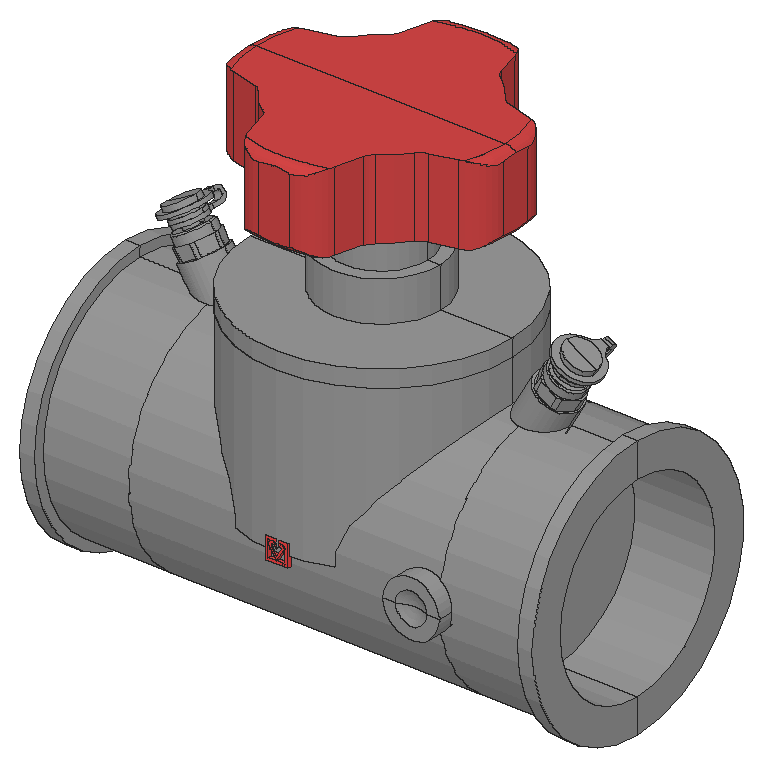
Revit family "HERZ Strömax клапан балансировочный с измерительными клапанами 4217 GM", category Rohrzubehör, Revit 2019
Family settings
  Bemaßung runder Anschluss = Durchmesser verwenden
  Teiletyp = Unterbricht
  OmniClass-Nummer = 23.65.55.14
  OmniClass-Titel = Valves for Liquid Services
  Arbeitsebenenbasiert = Nein
  Immer vertikal = Ja
  Beim Laden mit Abzugskörper schneiden = Nein
  Gemeinsam genutzt = Nein
Parameters
  Среда = "Качество теплоносителя в соответствии с ÖNORM H5195 и VDI 2035.\r\nДопускается использование этилен- и пропиленгликоля в соотношении 25-50% с водой."
  Положение клапана при монтаже = "Неподнимающийся шпиндель, расположенный перпендикулярно оси клапана, обеспечивает доступность и лёгкость в обслуживании в любом монтажном положении."
  Область применения = "Балансировочные клапаны применяются для гидравлической балансировки систем отопления и охлаждения, регулировки магистральных трубопроводов, стояков, теплообменников, регистров отопления и охлаждения."
  Номер заказа [instance] = size_lookup("4217_GM_", "Artnr", 0, Nennweite)  # 1421708
  Макс. рабочее давление = 1600000.0 Pa  # constant formula
  Макс. рабочая температура (с DN40) = 110 °C  # constant formula
  Макс. рабочая температура (до DN32) = 130 °C  # constant formula
  Корпус = "латунь, устойчивая к селективной цинковой коррозии"  # constant formula
  Исполнение = "STRÖMAX-GM Балансировочный клапан с измерительными клапанами, 1/2′′ – 3′′.\r\nИсполнение с прямым невыдвижным шпинделем, муфта х муфта, латунный корпус без покрытия, уплотнение шпинделя двойным кольцевым уплотнением O-Ring, преднастройка посредством ограничения хода внутреннего шпинделя, цифровые показания степени настройки отображаются в окне маховика.\r\nДва измерительных клапана расположены рядом с маховиком."
  Измерение перепада давления = "Клапаны STRÖMAX-GM оснащен двумя измерительными клапанами:\r\nс помощью измерительного прибора можно измерить перепад давления и по нему определить текущий расход в зависимости от степени преднастройки.\r\nHERZ Измерительный компьютер (1 8900 05) позволяет напрямую считывать расход (см. руководство к измерительным приборам)."
  kvs-значения [instance] = if(Nennweite = 15.00 mm, 6.05, if(Nennweite = 20.00 mm, 6.11, if(Nennweite = 25.00 mm, 9.22, if(Nennweite = 32.00 mm, 18.83, if(Nennweite = 40.00 mm, 23.29, if(Nennweite = 50.00 mm, 35.26, if(Nennweite = 65.00 mm, 52.11, if(Nennweite = 80.00 mm, 76.1, 0))))))))  # 76.1
  W02 = 60.00°  # constant formula
  W01 = 30.00°  # constant formula
  URL = "www.herz-armaturen.ru"
  SC_NennweiteBerechnet = 0
  SC_Dimension = ""
  SCRNSEQ = "ARM;ARM_TYP=\"STRV\";2"
  SCRNCODE = "05;07;02"  # constant formula
  S02 = 60.00 mm  # constant formula
  S01 [instance] = H00 + H01  # 119.31 mm
  R01 [instance] = size_lookup("4217_GM_", "R1", 1.00 mm, Nennweite)  # 53.00 mm
  Nennweite [instance] = 80.00 mm
  ML02 [instance] = size_lookup("4217_GM_", "ML2", 1.00 mm, Nennweite)  # 70.50 mm
  ML01 [instance] = size_lookup("4217_GM_", "ML1", 1.00 mm, Nennweite)  # 37.35 mm
  MD01 = 9.50 mm  # constant formula
  L02 [instance] = size_lookup("4217_GM_", "L2", 1.00 mm, Nennweite)  # 6.00 mm
  L01 [instance] = size_lookup("4217_GM_", "L1", 1.00 mm, Nennweite)  # 41.30 mm
  L00 [instance] = size_lookup("4217_GM_", "L", 1.00 mm, Nennweite)  # 210.00 mm
  IG [instance] = Nennweite / 2  # 40.00 mm
  Hersteller = "HERZ Armaturen Ges.m.b.H."  # constant formula
  H04 [instance] = size_lookup("4217_GM_", "H4", 1.00 mm, Nennweite)  # 19.00 mm
  H03 = 10.00 mm  # constant formula
  H02 [instance] = size_lookup("4217_GM_", "H2", 1.00 mm, Nennweite)  # 7.00 mm
  H01 [instance] = size_lookup("4217_GM_", "H1", 1.00 mm, Nennweite)  # 52.60 mm
  H00 [instance] = size_lookup("4217_GM_", "H", 1.00 mm, Nennweite)  # 66.71 mm
  Вес [instance] = if(Nennweite = 15.00 mm, "0.85 kg", if(Nennweite = 20.00 mm, "1.22 kg", if(Nennweite = 25.00 mm, "1.55 kg", if(Nennweite = 32.00 mm, "1.88 kg", if(Nennweite = 40.00 mm, "2.34 kg", if(Nennweite = 50.00 mm, "3.74 kg", if(Nennweite = 65.00 mm, "5.23 kg", if(Nennweite = 80.00 mm, "6.97 kg", "0 kg"))))))))  # "6.97 kg"
  GT [instance] = size_lookup("4217_GM_", "GT", 1.00 mm, Nennweite)  # 33.30 mm
  DN80 [instance] = Nennweite = 80.00 mm  # yes
  DN65 [instance] = Nennweite = 65.00 mm  # no
  DN50_DN80 [instance] = or(Nennweite = 50.00 mm, Nennweite = 65.00 mm, Nennweite = 80.00 mm)  # yes
  DN50-DN80 [instance] = H00 + H01  # 119.31 mm
  DN50 [instance] = Nennweite = 50.00 mm  # no
  DN40 [instance] = Nennweite = 40.00 mm  # no
  DN32 [instance] = Nennweite = 32.00 mm  # no
  DN25 [instance] = Nennweite = 25.00 mm  # no
  DN20 [instance] = Nennweite = 20.00 mm  # no
  DN15_DN40 [instance] = or(Nennweite = 15.00 mm, Nennweite = 20.00 mm, Nennweite = 25.00 mm, Nennweite = 32.00 mm, Nennweite = 40.00 mm)  # no
  DN15-DN40 [instance] = H00 + H01  # 119.31 mm
  DN15 [instance] = Nennweite = 15.00 mm  # no
  D06 [instance] = size_lookup("4217_GM_", "D6", 1.00 mm, Nennweite)  # 24.30 mm
  D05 [instance] = size_lookup("4217_GM_", "D5", 1.00 mm, Nennweite)  # 19.00 mm
  D04 = 9.00 mm  # constant formula
  D03 [instance] = size_lookup("4217_GM_", "D3", 1.00 mm, Nennweite)  # 53.80 mm
  D02 [instance] = size_lookup("4217_GM_", "D2", 1.00 mm, Nennweite)  # 54.00 mm
  D01 [instance] = size_lookup("4217_GM_", "D1", 1.00 mm, Nennweite)  # 50.00 mm
Reference planes
  plane 1 "Mitte (Vorne/hinten)": y = 0
  plane 2: z = 0
  plane 3 "Mitte (Links/rechts)": x = 0
Forms (mm)
  Revolve 1, solid, material "Messing, weicher Gelbton, geschweißt", detail levels fine
    sketch origin (0, 0, 0) x (1, 0, 0) y (0, 0, 1)
      loop
        line (-105, 54) -> (-105, 40) -> (-71.7, 40) -> (-71.7, 0) -> (71.7, 0) -> (71.7, 40) -> (105, 40) -> (105, 54) -> (99, 54) -> (99, 50) -> (63.7, 50)
        arc (63.7, 50) -> (0, 53) -> (-63.7, 50) r 677.782
        line (-63.7, 50) -> (-99, 50) -> (-99, 54) -> (-105, 54)
      axis (-105, 0) -> (105, 0)
    angle from 0 to 360
  Revolve 2, solid, material "Messing, weicher Gelbton, geschweißt", detail levels fine
    sketch origin (0, 0, 0) x (1, 0, 0) y (0, 0, 1)
      loop
        line (37.35, 0) -> (72.6, 61.055) -> (64.373, 65.805) -> (29.123, 4.75) -> (37.35, 0)
      axis (37.35, 0) -> (72.6, 61.055)
    angle from 0 to 360
  Revolve 3, solid, material "Messing, weicher Gelbton, geschweißt", detail levels fine
    sketch origin (0, 0, 0) x (1, 0, 0) y (0, 0, 1)
      loop
        line (0, 0) -> (0, 66.71) -> (-53.8, 66.71) -> (-53.8, 0) -> (0, 0)
      axis (0, 66.71) -> (0, 0)
    angle from 0 to 360
  Revolve 4, solid, material "Messing, weicher Gelbton, geschweißt", detail levels fine
    sketch origin (0, 0, 0) x (-1, 0, 0) y (0, 0, 1)
      loop
        line (37.35, 0) -> (72.6, 61.055) -> (64.373, 65.805) -> (29.123, 4.75) -> (37.35, 0)
      axis (37.35, 0) -> (72.6, 61.055)
    angle from 0 to 360
  Revolve 5, solid, material "Messing, weicher Gelbton, geschweißt", visible <- "DN65", detail levels fine
    sketch origin (0, 0, 0) x (1, 0, 0) y (0, 1, 0)
      loop
        line (60, 47.945) -> (60, -47.945)
        arc (60, -47.945) -> (63.368, -48.598) -> (66.5, -50) r 15
        line (66.5, -50) -> (71.5, -50) -> (71.5, 50) -> (66.5, 50)
        arc (66.5, 50) -> (63.368, 48.598) -> (60, 47.945) r 15
      axis (60, 50) -> (60, -50)
    angle from 0 to 360
  Revolve 6, solid, material "Messing, weicher Gelbton, geschweißt", detail levels fine
    sketch origin (0, 0, 0) x (1, 0, 0) y (0, 0, 1)
      loop
        line (0, 66.71) -> (0, 119.31) -> (-9, 119.31) -> (-9, 109.31) -> (-19, 109.31) -> (-19, 90.31) -> (-24.3, 90.31) -> (-24.3, 73.71) -> (-53.8, 73.71) -> (-53.8, 66.71) -> (0, 66.71)
      axis (0, 119.31) -> (0, 66.71)
    angle from 0 to 360
  Revolve 7, solid, material "Messing, weicher Gelbton, geschweißt", visible <- "DN80", detail levels fine
    sketch origin (0, 0, 0) x (1, 0, 0) y (0, 1, 0)
      loop
        line (57, 53.945) -> (57, -53.945)
        arc (57, -53.945) -> (60.368, -54.598) -> (63.5, -56) r 15
        line (63.5, -56) -> (68.5, -56) -> (68.5, 56) -> (63.5, 56)
        arc (63.5, 56) -> (60.368, 54.598) -> (57, 53.945) r 15
      axis (57, 56) -> (57, -56)
    angle from 0 to 360
Lines and regions (mm)
  model lines, detail levels coarse+medium
    curve 1: line (-105, 0, 54) -> (-105, 0, -54)
    curve 2: line (-105, 0, -54) -> (105, 0, 54)
    curve 3: line (105, 0, 54) -> (105, 0, -54)
    curve 4: line (105, 0, -54) -> (-105, 0, 54)
    curve 5: line (0, 0, 0) -> (68.884, 0, 119.31)
    curve 6: line (42.903, 0, 134.31) -> (94.864, 0, 104.31)
    curve 7: line (-105, 54, 0) -> (-105, -54, 0)
    curve 8: line (-105, -54, 0) -> (105, 54, 0)
    curve 9: line (105, 54, 0) -> (105, -54, 0)
    curve 10: line (105, -54, 0) -> (-105, 54, 0)
    curve 11: line (0, 0, 0) -> (68.884, 119.31, 0)
    curve 12: line (42.903, 134.31, 0) -> (94.864, 104.31, 0)
Dimensions and locks
  "IG": Revolve 1 sketch curve to plane 2
  "GT": Revolve 1 sketch curve to Revolve 1 sketch curve  (x2)
  "IG": Revolve 1 sketch curve to Revolve 1 sketch curve
  "D01": Revolve 1 sketch curve to Revolve 1 sketch curve  (x2)
  "R01": Revolve 1 sketch curve to Revolve 1 sketch curve
  "L02": Revolve 1 sketch curve to Revolve 1 sketch curve  (x2)
  "L01": Revolve 1 sketch curve to Revolve 1 sketch curve  (x2)
  "D02": Revolve 1 sketch curve to plane 2  (x2)
  equal spacing: Revolve 1 sketch curve, plane 3 "Mitte (Links/rechts)", Revolve 1 sketch curve
  "L00": Revolve 1 sketch curve to Revolve 1 sketch curve
  "R01": nested 1 to plane 1 "Mitte (Vorne/hinten)"
  "ML01": Revolve 2 sketch curve to plane 3 "Mitte (Links/rechts)"
  "H00": Revolve 3 sketch curve to plane 2
  "D03": Revolve 3 sketch curve to Revolve 3 sketch curve
  "ML02": Revolve 2 sketch curve to Revolve 2 sketch curve
  "MD01": Revolve 2 sketch curve to Revolve 2 sketch curve  (x2)
  "ML02": Revolve 4 sketch curve to Revolve 4 sketch curve
  "MD01": Revolve 4 sketch curve to Revolve 4 sketch curve  (x2)
  "ML01": plane 3 "Mitte (Links/rechts)" to Revolve 4 sketch curve
  Revolve 5 sketch curve to Revolve 1 = 45.00 mm
  Revolve 5 sketch curve to Revolve 5 sketch curve = 11.50 mm  (x2)
  Revolve 5 sketch curve to plane 1 "Mitte (Vorne/hinten)" to Revolve 5 sketch curve = 50.00 mm, 50.00 mm
  "H00": Revolve 6 sketch curve to plane 2
  "H01": Revolve 6 sketch curve to Revolve 6 sketch curve
  "D04": Revolve 6 sketch curve to Revolve 6 sketch curve
  "D03": Revolve 6 sketch curve to Revolve 6 sketch curve
  "D05": Revolve 6 sketch curve to Revolve 6 sketch curve
  "D06": Revolve 6 sketch curve to Revolve 6 sketch curve
  "H02": Revolve 6 sketch curve to Revolve 6 sketch curve
  "H03": Revolve 6 sketch curve to Revolve 6 sketch curve
  "H04": Revolve 6 sketch curve to Revolve 6 sketch curve
  Revolve 7 sketch curve to Revolve 1 = 48.00 mm
  Revolve 7 sketch curve to Revolve 7 sketch curve = 11.50 mm  (x2)
  Revolve 7 sketch curve to plane 1 "Mitte (Vorne/hinten)" to Revolve 7 sketch curve = 56.00 mm, 56.00 mm
  "DN15-DN40": nested 2 to plane 2
  "DN50-DN80": nested 3 to plane 2
  "D02": curve 4 to plane 2 to curve 2
  "D02": curve 3 to plane 2 to curve 4
  equal spacing: curve 1, plane 3 "Mitte (Links/rechts)", curve 3
  "L00": curve 1 to curve 3
  equal spacing: Revolve 1, curve 5, Revolve 1
  "S01": curve 5 to plane 2
  equal spacing: curve 6, curve 5, curve 6
  "S02": curve 6 to curve 6
  "D02": curve 8 to plane 1 "Mitte (Vorne/hinten)" to curve 10
  "D02": curve 10 to plane 1 "Mitte (Vorne/hinten)" to curve 9
  equal spacing: curve 7, plane 3 "Mitte (Links/rechts)", curve 9
  "L00": curve 7 to curve 9
  equal spacing: curve 7, curve 11, curve 9
  "S01": plane 1 "Mitte (Vorne/hinten)" to curve 11
  equal spacing: curve 12, curve 11, curve 12
  "S02": curve 12 to curve 12
  radius of Revolve 5 sketch curve = 15.00 mm  (x2)
  radius of Revolve 7 sketch curve = 15.00 mm  (x2)
  "W01": angle Revolve 2 sketch curve to plane 3 "Mitte (Links/rechts)"  (x2)
  "W01": angle plane 3 "Mitte (Links/rechts)" to Revolve 4 sketch curve  (x2)
  "W02": angle plane 2 to curve 5
  "W02": angle plane 1 "Mitte (Vorne/hinten)" to curve 11
  aligned and locked: level to plane 2
Automatic sketch dimensions
  Revolve 5 sketch curve to Revolve 5 sketch curve = 1.153 mm  (x2)
  Revolve 5 sketch curve to Revolve 5 sketch curve = 5.00 mm  (x2)
  Revolve 5 sketch curve to Revolve 5 sketch curve = 2.854 mm  (x2)
  Revolve 7 sketch curve to Revolve 7 sketch curve = 1.153 mm  (x2)
  Revolve 7 sketch curve to Revolve 7 sketch curve = 5.00 mm  (x2)
  Revolve 7 sketch curve to Revolve 7 sketch curve = 8.854 mm  (x2)
  Revolve 1 sketch curve to level = 0.00 mm  (x2)
  Revolve 1 sketch curve to Revolve 1 sketch curve = 1429.986 mm
  Revolve 1 sketch curve to Revolve 1 sketch curve = 1762.604 mm
  Revolve 2 sketch curve to level = 0.00 mm  (x2)
  Revolve 3 sketch curve to level = 0.00 mm
  Revolve 3 sketch curve to plane 3 "Mitte (Links/rechts)" = 0.00 mm  (x2)
  Revolve 3 sketch curve to Revolve 3 sketch curve = 366.045 mm
  Revolve 3 sketch curve to Revolve 3 sketch curve = 2179.415 mm
  Revolve 4 sketch curve to level = 0.00 mm  (x2)
  Revolve 6 sketch curve to plane 3 "Mitte (Links/rechts)" = 0.00 mm  (x2)
  Revolve 6 sketch curve to level = 366.045 mm
  Revolve 6 sketch curve to Revolve 6 sketch curve = 2146.115 mm
Nested families
  nested 1: "Herz-Logo-vorne" at (0, -53, 0) x (0, 1, 0) z (0, 0, 1), type "Herz-Logo-vorne", detail levels fine
  nested 2: "Strangregulierventil-Handrad-Gerade (Rot) DN15-DN40" at (0, 0, 119.31), visible <- "DN15_DN40", type "Strangregulierventil-Handrad-Gerade (Rot) DN15-DN40", detail levels fine
    with Nennweite 0.00 mm, Gewicht 0.00 kg, Bestellnummer 0
  nested 3: "Strangregulierventil-Handrad-Gerade (Rot) DN50-DN80" at (0, 0, 119.31), visible <- "DN50_DN80", type "Strangregulierventil-Handrad-Gerade (Rot) DN50-DN80", detail levels fine
    with Nennweite 0.00 mm, Gewicht 0.00 kg, Bestellnummer 0
  nested 4: "Messstutzen_Band_Austritt_30Grad_(oben)" at (47.24, 0, 34.901), visible <- "DN50", type "Messstutzen_Band_Austritt_30Grad_(oben)", detail levels fine
    with Schutzkappe yes, Nennweite 0.00 mm, Gewicht 0.00 kg, Bestellnummer 0
  nested 5: "Messstutzen_Band_Eintritt_30Grad_(oben)" at (-47.24, 0, 34.901) x (-1, 0, 0) z (0, 0, 1), visible <- "DN50", type "Messstutzen_Band_Eintritt_30Grad_(oben)", detail levels fine
    with Schutzkappe yes, Nennweite 0.00 mm, Gewicht 0.00 kg, Bestellnummer 0
  nested 6: "Messstutzen_Band_Austritt_30Grad_(oben)" at (27.02, 0, 10.999), visible <- "DN15", type "Messstutzen_Band_Austritt_30Grad_(oben)", detail levels fine
    with Schutzkappe yes, Nennweite 0.00 mm, Gewicht 0.00 kg, Bestellnummer 0
  nested 7: "Messstutzen_Band_Eintritt_30Grad_(oben)" at (-27.02, 0, 10.999) x (-1, 0, 0) z (0, 0, 1), visible <- "DN15", type "Messstutzen_Band_Eintritt_30Grad_(oben)", detail levels fine
    with Schutzkappe yes, Nennweite 0.00 mm, Gewicht 0.00 kg, Bestellnummer 0
  nested 8: "Messstutzen_Band_Eintritt_30Grad_(oben)" at (-24.855, 0, 13.553) x (-1, 0, 0) z (0, 0, 1), visible <- "DN20", type "Messstutzen_Band_Eintritt_30Grad_(oben)", detail levels fine
    with Schutzkappe yes, Nennweite 0.00 mm, Gewicht 0.00 kg, Bestellnummer 0
  nested 9: "Messstutzen_Band_Austritt_30Grad_(oben)" at (24.855, 0, 13.553), visible <- "DN20", type "Messstutzen_Band_Austritt_30Grad_(oben)", detail levels fine
    with Schutzkappe yes, Nennweite 0.00 mm, Gewicht 0.00 kg, Bestellnummer 0
  nested 10: "Messstutzen_Band_Eintritt_30Grad_(oben)" at (-29.265, 0, 17.883) x (-1, 0, 0) z (0, 0, 1), visible <- "DN25", type "Messstutzen_Band_Eintritt_30Grad_(oben)", detail levels fine
    with Schutzkappe yes, Nennweite 0.00 mm, Gewicht 0.00 kg, Bestellnummer 0
  nested 11: "Messstutzen_Band_Austritt_30Grad_(oben)" at (29.265, 0, 17.883), visible <- "DN25", type "Messstutzen_Band_Austritt_30Grad_(oben)", detail levels fine
    with Schutzkappe yes, Nennweite 0.00 mm, Gewicht 0.00 kg, Bestellnummer 0
  nested 12: "Messstutzen_Band_Eintritt_30Grad_(oben)" at (-37.74, 0, 24.595) x (-1, 0, 0) z (0, 0, 1), visible <- "DN32", type "Messstutzen_Band_Eintritt_30Grad_(oben)", detail levels fine
    with Schutzkappe yes, Nennweite 0.00 mm, Gewicht 0.00 kg, Bestellnummer 0
  nested 13: "Messstutzen_Band_Austritt_30Grad_(oben)" at (37.74, 0, 24.595), visible <- "DN32", type "Messstutzen_Band_Austritt_30Grad_(oben)", detail levels fine
    with Schutzkappe yes, Nennweite 0.00 mm, Gewicht 0.00 kg, Bestellnummer 0
  nested 14: "Messstutzen_Band_Eintritt_30Grad_(oben)" at (-42.8, 0, 28.665) x (-1, 0, 0) z (0, 0, 1), visible <- "DN40", type "Messstutzen_Band_Eintritt_30Grad_(oben)", detail levels fine
    with Schutzkappe yes, Nennweite 0.00 mm, Gewicht 0.00 kg, Bestellnummer 0
  nested 15: "Messstutzen_Band_Austritt_30Grad_(oben)" at (42.8, 0, 28.665), visible <- "DN40", type "Messstutzen_Band_Austritt_30Grad_(oben)", detail levels fine
    with Schutzkappe yes, Nennweite 0.00 mm, Gewicht 0.00 kg, Bestellnummer 0
  nested 16: "Messstutzen_Band_Eintritt_30Grad_(oben)" at (-54.5, 0, 38.105) x (-1, 0, 0) z (0, 0, 1), visible <- "DN65", type "Messstutzen_Band_Eintritt_30Grad_(oben)", detail levels fine
    with Schutzkappe yes, Nennweite 0.00 mm, Gewicht 0.00 kg, Bestellnummer 0
  nested 17: "Messstutzen_Band_Austritt_30Grad_(oben)" at (54.5, 0, 38.105), visible <- "DN65", type "Messstutzen_Band_Austritt_30Grad_(oben)", detail levels fine
    with Schutzkappe yes, Nennweite 0.00 mm, Gewicht 0.00 kg, Bestellnummer 0
  nested 18: "Messstutzen_Band_Eintritt_30Grad_(oben)" at (-63.85, 0, 45.899) x (-1, 0, 0) z (0, 0, 1), visible <- "DN80", type "Messstutzen_Band_Eintritt_30Grad_(oben)", detail levels fine
    with Schutzkappe yes, Nennweite 0.00 mm, Gewicht 0.00 kg, Bestellnummer 0
  nested 19: "Messstutzen_Band_Austritt_30Grad_(oben)" at (63.85, 0, 45.899), visible <- "DN80", type "Messstutzen_Band_Austritt_30Grad_(oben)", detail levels fine
    with Schutzkappe yes, Nennweite 0.00 mm, Gewicht 0.00 kg, Bestellnummer 0
Connectors
  piping at (-71.7, 0, 0), diameter 80, driven by "Nennweite"
    settings: on Revolve 1, index 1, connector inside diameter 609.6 mm, connector length 0.00 mm, flow factor 0, pipe flow 0.0 L/s, pressure drop 0.0 Pa, fitting loss kfactor 0, connector angle 0.00°, fixture units 0, engagement length 0.00 mm, angle of deflection 0.00°, flow configuration 0, flow direction 1, fitting loss method 0, system type 29, joint type 0, gender type 0, connector reference index -1, connector utility 0, adjustable connector no, is connector primary yes, connector description ""
  piping at (71.7, 0, 0), diameter 80, driven by "Nennweite"
    settings: on Revolve 1, index 2, connector inside diameter 609.6 mm, connector length 0.00 mm, flow factor 0, pipe flow 0.0 L/s, pressure drop 0.0 Pa, fitting loss kfactor 0, connector angle 0.00°, fixture units 0, engagement length 0.00 mm, angle of deflection 0.00°, flow configuration 0, flow direction 2, fitting loss method 0, system type 29, joint type 0, gender type 0, connector reference index -1, connector utility 0, adjustable connector no, is connector primary no, connector description ""
Definition of nested family "Herz-Logo-vorne"
  Reference planes
    plane 1 "Mitte (Vorne/hinten)": y = 0
    plane 2: z = 0
    plane 3 "Mitte (Links/rechts)": x = 0
  Forms (mm)
    Extrusion 1, solid
      sketch origin (0.732, -0.018, 0.017) x (0, -1, 0) y (0, 0, 1)
        loop
          line (-0.018, -4.517) -> (4.482, -4.517) -> (4.482, 4.483) -> (-4.518, 4.483) -> (-4.518, -4.517) -> (-0.018, -4.517)
        loop
          line (-0.05, -3.48) -> (3.482, -3.48) -> (3.482, 3.483) -> (-3.518, 3.483) -> (-3.518, -3.48) -> (-0.05, -3.48)
        loop
          arc (-0.018, 2.383) -> (-1.543, 3.287) -> (-3.067, 2.383) r 1.738
          arc (-3.067, 2.383) -> (-3.191, 1.899) -> (-3.067, 1.415) r 1.009
          line (-3.067, 1.415) -> (-0.018, -3.281) -> (3.032, 1.415)
          arc (3.032, 1.415) -> (3.156, 1.899) -> (3.032, 2.383) r 1.009
          arc (3.032, 2.383) -> (1.507, 3.287) -> (-0.018, 2.383) r 1.738
        loop
          arc (1.885, 1.272) -> (2.005, 1.675) -> (1.885, 2.079) r 0.74
          arc (1.885, 2.079) -> (1.265, 2.416) -> (0.644, 2.079) r 0.74
          line (0.644, 2.079) -> (-0.018, 0.97) -> (-0.679, 2.079)
          arc (-0.679, 2.079) -> (-1.3, 2.416) -> (-1.921, 2.079) r 0.74
          arc (-1.921, 2.079) -> (-2.04, 1.675) -> (-1.921, 1.272) r 0.74
          line (-1.921, 1.272) -> (-0.018, -1.658) -> (1.885, 1.272)
      from 0 to 1.5
  Dimensions and locks
    aligned and locked: level to plane 2
Definition of nested family "Strangregulierventil-Handrad-Gerade (Rot) DN15-DN40"
  Parameters (values of type "Strangregulierventil-Handrad-Gerade (Rot) DN15-DN40")
    URL = "www.herz-armaturen.at"
    Nennweite [instance] = 0.00 mm
    Manufacturer = "Herz Armaturen GmbH"  # constant formula
    Gewicht [instance] = 0.00 kg
    Bestellnummer [instance] = 0
  Reference planes
    plane 1 "Mitte (Vorne/hinten)": y = 0
    plane 2: z = 0
    plane 3 "Mitte (Links/rechts)": x = 0
  Forms (mm)
    Revolve 1, solid, detail levels fine
      sketch origin (0, 0, 0) x (1, 0, 0) y (0, 0, 1)
        loop
          line (0, 0) -> (0, 24.95) -> (-30.992, 24.95)
          arc (-30.992, 24.95) -> (-34.37, 23.636) -> (-35.973, 20.386) r 5
          line (-35.973, 20.386) -> (-37, 8.65) -> (-35.986, -2.936)
          arc (-35.986, -2.936) -> (-34.383, -6.186) -> (-31.005, -7.5) r 5
          line (-31.005, -7.5) -> (-15, -7.5) -> (-15, 0) -> (0, 0)
        axis (0, 24.95) -> (0, -7.5)
      angle from 0 to 360
    Extrusion 2, void
      sketch origin (0, 0, 20.3) x (1, 0, 0) y (0, 1, 0)
        loop
          line (3.861, 35.5) -> (-3.861, 35.5)
          arc (-3.861, 35.5) -> (-8.731, 33.847) -> (-11.589, 29.571) r 8
          line (-11.589, 29.571) -> (-13.284, 23.245)
          arc (-13.284, 23.245) -> (-13.982, 21.722) -> (-15.144, 20.516) r 5
          arc (-15.144, 20.516) -> (-18.031, 18.031) -> (-20.516, 15.144) r 25.5
          arc (-20.516, 15.144) -> (-21.722, 13.982) -> (-23.245, 13.284) r 5
          line (-23.245, 13.284) -> (-29.571, 11.589)
          arc (-29.571, 11.589) -> (-33.847, 8.731) -> (-35.5, 3.861) r 8
          line (-35.5, 3.861) -> (-35.5, -3.861)
          arc (-35.5, -3.861) -> (-33.847, -8.731) -> (-29.571, -11.589) r 8
          line (-29.571, -11.589) -> (-23.245, -13.284)
          arc (-23.245, -13.284) -> (-21.722, -13.982) -> (-20.516, -15.144) r 5
          arc (-20.516, -15.144) -> (-18.031, -18.031) -> (-15.144, -20.516) r 25.5
          arc (-15.144, -20.516) -> (-13.982, -21.722) -> (-13.284, -23.245) r 5
          line (-13.284, -23.245) -> (-11.589, -29.571)
          arc (-11.589, -29.571) -> (-8.731, -33.847) -> (-3.861, -35.5) r 8
          line (-3.861, -35.5) -> (3.861, -35.5)
          arc (3.861, -35.5) -> (8.731, -33.847) -> (11.589, -29.571) r 8
          line (11.589, -29.571) -> (13.284, -23.245)
          arc (13.284, -23.245) -> (13.982, -21.722) -> (15.144, -20.516) r 5
          arc (15.144, -20.516) -> (18.031, -18.031) -> (20.516, -15.144) r 25.5
          arc (20.516, -15.144) -> (21.722, -13.982) -> (23.245, -13.284) r 5
          line (23.245, -13.284) -> (29.571, -11.589)
          arc (29.571, -11.589) -> (33.847, -8.731) -> (35.5, -3.861) r 8
          line (35.5, -3.861) -> (35.5, 3.861)
          arc (35.5, 3.861) -> (33.847, 8.731) -> (29.571, 11.589) r 8
          line (29.571, 11.589) -> (23.245, 13.284)
          arc (23.245, 13.284) -> (21.722, 13.982) -> (20.516, 15.144) r 5
          arc (20.516, 15.144) -> (18.031, 18.031) -> (15.144, 20.516) r 25.5
          arc (15.144, 20.516) -> (13.982, 21.722) -> (13.284, 23.245) r 5
          line (13.284, 23.245) -> (11.589, 29.571)
          arc (11.589, 29.571) -> (8.731, 33.847) -> (3.861, 35.5) r 8
        loop
          circle (0, 0) r 38
      from -31.266 to 7.923
  Cuts and joins
    Extrusion 2 cuts Revolve 1
  Dimensions and locks
    Revolve 1 sketch curve to Revolve 1 sketch curve = 15.00 mm
    Revolve 1 sketch curve to Revolve 1 sketch curve = 16.15 mm
    Revolve 1 sketch curve to Revolve 1 sketch curve = 16.30 mm
    angle Revolve 1 sketch curve to Revolve 1 sketch curve = 95.00°
    aligned and locked: level to plane 2
Definition of nested family "Strangregulierventil-Handrad-Gerade (Rot) DN50-DN80"
  Parameters (values of type "Strangregulierventil-Handrad-Gerade (Rot) DN50-DN80")
    URL = "www.herz-armaturen.at"
    Nennweite [instance] = 0.00 mm
    Manufacturer = "Herz Armaturen GmbH"  # constant formula
    Gewicht [instance] = 0.00 kg
    Bestellnummer [instance] = 0
  Reference planes
    plane 1 "Mitte (Vorne/hinten)": y = 0
    plane 2: z = 0
    plane 3 "Mitte (Links/rechts)": x = 0
  Forms (mm)
    Revolve 1, solid, detail levels fine
      sketch origin (0, 0, 0) x (1, 0, 0) y (0, 0, 1)
        loop
          line (0, 0) -> (0, 24.95) -> (-50.992, 24.95)
          arc (-50.992, 24.95) -> (-54.37, 23.636) -> (-55.973, 20.386) r 5
          line (-55.973, 20.386) -> (-57, 8.65) -> (-55.986, -2.936)
          arc (-55.986, -2.936) -> (-54.383, -6.186) -> (-51.005, -7.5) r 5
          line (-51.005, -7.5) -> (-15, -7.5) -> (-15, 0) -> (0, 0)
        axis (0, 24.95) -> (0, -7.5)
      angle from 0 to 360
    Extrusion 2, void
      sketch origin (0, 0, 20.3) x (1, 0, 0) y (0, 1, 0)
        loop
          line (-55, 6.292) -> (-55, -6.292)
          arc (-55, -6.292) -> (-52.52, -13.597) -> (-46.106, -17.883) r 12
          line (-46.106, -17.883) -> (-35.399, -20.752)
          arc (-35.399, -20.752) -> (-33.541, -21.612) -> (-32.08, -23.047) r 6
          arc (-32.08, -23.047) -> (-27.931, -27.931) -> (-23.047, -32.08) r 39.5
          arc (-23.047, -32.08) -> (-21.612, -33.541) -> (-20.752, -35.399) r 6
          line (-20.752, -35.399) -> (-17.883, -46.106)
          arc (-17.883, -46.106) -> (-13.597, -52.52) -> (-6.292, -55) r 12
          line (-6.292, -55) -> (6.292, -55)
          arc (6.292, -55) -> (13.597, -52.52) -> (17.883, -46.106) r 12
          line (17.883, -46.106) -> (20.752, -35.399)
          arc (20.752, -35.399) -> (21.612, -33.541) -> (23.047, -32.08) r 6
          arc (23.047, -32.08) -> (27.931, -27.931) -> (32.08, -23.047) r 39.5
          arc (32.08, -23.047) -> (33.541, -21.612) -> (35.399, -20.752) r 6
          line (35.399, -20.752) -> (46.106, -17.883)
          arc (46.106, -17.883) -> (52.52, -13.597) -> (55, -6.292) r 12
          line (55, -6.292) -> (55, 6.292)
          arc (55, 6.292) -> (52.52, 13.597) -> (46.106, 17.883) r 12
          line (46.106, 17.883) -> (35.399, 20.752)
          arc (35.399, 20.752) -> (33.541, 21.612) -> (32.08, 23.047) r 6
          arc (32.08, 23.047) -> (27.931, 27.931) -> (23.047, 32.08) r 39.5
          arc (23.047, 32.08) -> (21.612, 33.541) -> (20.752, 35.399) r 6
          line (20.752, 35.399) -> (17.883, 46.106)
          arc (17.883, 46.106) -> (13.597, 52.52) -> (6.292, 55) r 12
          line (6.292, 55) -> (-6.292, 55)
          arc (-6.292, 55) -> (-13.597, 52.52) -> (-17.883, 46.106) r 12
          line (-17.883, 46.106) -> (-20.752, 35.399)
          arc (-20.752, 35.399) -> (-21.612, 33.541) -> (-23.047, 32.08) r 6
          arc (-23.047, 32.08) -> (-27.931, 27.931) -> (-32.08, 23.047) r 39.5
          arc (-32.08, 23.047) -> (-33.541, 21.612) -> (-35.399, 20.752) r 6
          line (-35.399, 20.752) -> (-46.106, 17.883)
          arc (-46.106, 17.883) -> (-52.52, 13.597) -> (-55, 6.292) r 12
        loop
          circle (0, 0) r 60
      from -31.161 to 7.489
  Cuts and joins
    Extrusion 2 cuts Revolve 1
  Dimensions and locks
    Revolve 1 sketch curve to Revolve 1 sketch curve = 15.00 mm
    Revolve 1 sketch curve to Revolve 1 sketch curve = 16.15 mm
    Revolve 1 sketch curve to Revolve 1 sketch curve = 16.30 mm
    Revolve 1 sketch curve to Revolve 1 sketch curve = 57.00 mm
    angle Revolve 1 sketch curve to Revolve 1 sketch curve = 95.00°
    aligned and locked: level to plane 2
Definition of nested family "Messstutzen_Band_Austritt_30Grad_(oben)"
  Parameters (values of type "Messstutzen_Band_Austritt_30Grad_(oben)")
    URL = "www.herz-armaturen.at"
    Schutzkappe [instance] = yes
    Nennweite [instance] = 0.00 mm
    Manufacturer = "Herz Armaturen GmbH"  # constant formula
    Gewicht [instance] = 0.00 kg
    Bestellnummer [instance] = 0
  Reference planes
    plane 1 "Mitte (Vorne/hinten)": y = 0
    plane 2: z = 0
    plane 3 "Mitte (Links/rechts)": x = 0
  Forms (mm)
    Revolve 1, solid, detail levels fine
      sketch origin (0, 0, 0) x (0.866025, 0, -0.5) y (0.5, 0, 0.866025)
        loop
          line (-7.4, 9) -> (-5.55, 9) -> (-5.55, 6)
          arc (-5.55, 6) -> (-5.626, 5.617) -> (-5.843, 5.293) r 1
          line (-5.843, 5.293) -> (-6.455, 4.681) -> (-6.455, 0.9) -> (-5.555, 0) -> (-2, 0) -> (-2, 17.5) -> (-8.4, 17.5)
          arc (-8.4, 17.5) -> (-7.693, 17.207) -> (-7.4, 16.5) r 1
          line (-7.4, 16.5) -> (-7.4, 9)
        loop
          line (-3.7, 27) -> (-7.3, 27) -> (-7.9, 26.4) -> (-7.9, 23) -> (-2, 23) -> (-2, 35.8) -> (-3.805, 35.8) -> (-4.415, 35.19) -> (-4.415, 30.863) -> (-3.7, 30.45) -> (-3.7, 27)
        axis (0, 0) -> (0, 35.8)
      angle from 0 to 360
    Extrusion 2, solid, detail levels fine
      sketch origin (8.75, 0, 15.155) x (0, 1, 0) y (-0.866025, 0, 0.5)
        loop
          arc (-7.07, 5.156) -> (-7.578, 4.375) -> (-8, 3.544) r 8.75
          line (-8, 3.544) -> (-8, -3.544)
          arc (-8, -3.544) -> (-7.578, -4.375) -> (-7.07, -5.156) r 8.75
          line (-7.07, -5.156) -> (-0.93, -8.7)
          arc (-0.93, -8.7) -> (0, -8.75) -> (0.93, -8.7) r 8.75
          line (0.93, -8.7) -> (7.07, -5.156)
          arc (7.07, -5.156) -> (7.578, -4.375) -> (8, -3.544) r 8.75
          line (8, -3.544) -> (8, 3.544)
          arc (8, 3.544) -> (7.578, 4.375) -> (7.07, 5.156) r 8.75
          line (7.07, 5.156) -> (0.93, 8.7)
          arc (0.93, 8.7) -> (0, 8.75) -> (-0.93, 8.7) r 8.75
          line (-0.93, 8.7) -> (-7.07, 5.156)
      from 0 to 5.5
    Revolve 3, solid, visible <- "Schutzkappe", detail levels fine
      sketch origin (0, 0, 0) x (0.866025, 0, -0.5) y (0.5, 0, 0.866025)
        loop
          line (0, 35.878) -> (0, 36.678) -> (-7, 36.678) -> (-7, 33.378) -> (-6.1, 33.378) -> (-6.1, 31.678) -> (-6.9, 31.678) -> (-6.9, 30.178) -> (-4.415, 30.178) -> (-4.415, 35.268) -> (-3.805, 35.878) -> (0, 35.878)
        axis (0, 30.178) -> (0, 36.678)
      angle from 0 to 360
    Extrusion 4, solid, detail levels fine
      sketch origin (14.25, 0, 24.682) x (0, 1, 0) y (0.866025, 0, -0.5)
        loop
          circle (0, 0) r 3.7
        loop
          arc (5.505, -3.906) -> (7.288, -2.358) -> (9.582, -1.8) r 5
          line (9.582, -1.8) -> (9.582, 1.8)
          arc (9.582, 1.8) -> (7.288, 2.358) -> (5.505, 3.906) r 5
          arc (5.505, 3.906) -> (-6.75, 0) -> (5.505, -3.906) r 6.75
      from 0 to -1.5
    Extrusion 5, solid, detail levels fine
      sketch origin (16.589, 0, 28.733) x (0, 1, 0) y (0.866025, 0, -0.5)
        loop
          circle (0, 0) r 6.1
        loop
          arc (8.652, -4.495) -> (10.493, -2.527) -> (13.089, -1.8) r 5
          line (13.089, -1.8) -> (13.089, 1.8)
          arc (13.089, 1.8) -> (10.493, 2.527) -> (8.652, 4.495) r 5
          arc (8.652, 4.495) -> (-9.75, 0) -> (8.652, -4.495) r 9.75
      from 0 to -1.5
    Sweep 6, solid, detail levels fine
      path origin (1.029, 0.159, 0.98) x (-0.5, 0, -0.866025) y (0, 1, 0)
        loop
          line (-27.75, 9.582) -> (-27.75, 14.522)
          arc (-27.75, 14.522) -> (-30.089, 16.862) -> (-32.428, 14.522) r 2.339
          line (-32.428, 14.522) -> (-32.428, 13.089)
      profile origin (14.904, 12.211, 25.012) x (0.5, 0, 0.866025) y (0.866025, 0, -0.5)
        loop
          line (-0.75, -1.8) -> (0.75, -1.8) -> (0.75, 1.8) -> (-0.75, 1.8) -> (-0.75, -1.8)
  Dimensions and locks
    aligned and locked: level to plane 2
Definition of nested family "Messstutzen_Band_Eintritt_30Grad_(oben)"
  Parameters (values of type "Messstutzen_Band_Eintritt_30Grad_(oben)")
    URL = "www.herz-armaturen.at"
    Schutzkappe [instance] = yes
    Nennweite [instance] = 0.00 mm
    Manufacturer = "Herz Armaturen GmbH"  # constant formula
    Gewicht [instance] = 0.00 kg
    Bestellnummer [instance] = 0
  Reference planes
    plane 1 "Mitte (Vorne/hinten)": y = 0
    plane 2: z = 0
    plane 3 "Mitte (Links/rechts)": x = 0
  Forms (mm)
    Revolve 1, solid, detail levels fine
      sketch origin (0, 0, 0) x (0.866025, 0, -0.5) y (0.5, 0, 0.866025)
        loop
          line (-7.4, 9) -> (-5.55, 9) -> (-5.55, 6)
          arc (-5.55, 6) -> (-5.626, 5.617) -> (-5.843, 5.293) r 1
          line (-5.843, 5.293) -> (-6.455, 4.681) -> (-6.455, 0.9) -> (-5.555, 0) -> (-2, 0) -> (-2, 17.5) -> (-8.4, 17.5)
          arc (-8.4, 17.5) -> (-7.693, 17.207) -> (-7.4, 16.5) r 1
          line (-7.4, 16.5) -> (-7.4, 9)
        loop
          line (-3.7, 27) -> (-7.3, 27) -> (-7.9, 26.4) -> (-7.9, 23) -> (-2, 23) -> (-2, 35.8) -> (-3.805, 35.8) -> (-4.415, 35.19) -> (-4.415, 30.863) -> (-3.7, 30.45) -> (-3.7, 27)
        axis (0, 0) -> (0, 35.8)
      angle from 0 to 360
    Extrusion 2, solid, detail levels fine
      sketch origin (8.75, 0, 15.155) x (0, 1, 0) y (-0.866025, 0, 0.5)
        loop
          arc (-7.07, 5.156) -> (-7.578, 4.375) -> (-8, 3.544) r 8.75
          line (-8, 3.544) -> (-8, -3.544)
          arc (-8, -3.544) -> (-7.578, -4.375) -> (-7.07, -5.156) r 8.75
          line (-7.07, -5.156) -> (-0.93, -8.7)
          arc (-0.93, -8.7) -> (0, -8.75) -> (0.93, -8.7) r 8.75
          line (0.93, -8.7) -> (7.07, -5.156)
          arc (7.07, -5.156) -> (7.578, -4.375) -> (8, -3.544) r 8.75
          line (8, -3.544) -> (8, 3.544)
          arc (8, 3.544) -> (7.578, 4.375) -> (7.07, 5.156) r 8.75
          line (7.07, 5.156) -> (0.93, 8.7)
          arc (0.93, 8.7) -> (0, 8.75) -> (-0.93, 8.7) r 8.75
          line (-0.93, 8.7) -> (-7.07, 5.156)
      from 0 to 5.5
    Revolve 3, solid, visible <- "Schutzkappe", detail levels fine
      sketch origin (0, 0, 0) x (0.866025, 0, -0.5) y (0.5, 0, 0.866025)
        loop
          line (0, 35.878) -> (0, 36.678) -> (-7, 36.678) -> (-7, 33.378) -> (-6.1, 33.378) -> (-6.1, 31.678) -> (-6.9, 31.678) -> (-6.9, 30.178) -> (-4.415, 30.178) -> (-4.415, 35.268) -> (-3.805, 35.878) -> (0, 35.878)
        axis (0, 30.178) -> (0, 36.678)
      angle from 0 to 360
    Extrusion 4, solid, detail levels fine
      sketch origin (14.25, 0, 24.682) x (0, 1, 0) y (0.866025, 0, -0.5)
        loop
          circle (0, 0) r 3.7
        loop
          arc (5.505, -3.906) -> (7.288, -2.358) -> (9.582, -1.8) r 5
          line (9.582, -1.8) -> (9.582, 1.8)
          arc (9.582, 1.8) -> (7.288, 2.358) -> (5.505, 3.906) r 5
          arc (5.505, 3.906) -> (-6.75, 0) -> (5.505, -3.906) r 6.75
      from 0 to -1.5
    Extrusion 5, solid, detail levels fine
      sketch origin (16.589, 0, 28.733) x (0, 1, 0) y (0.866025, 0, -0.5)
        loop
          circle (0, 0) r 6.1
        loop
          arc (8.652, -4.495) -> (10.493, -2.527) -> (13.089, -1.8) r 5
          line (13.089, -1.8) -> (13.089, 1.8)
          arc (13.089, 1.8) -> (10.493, 2.527) -> (8.652, 4.495) r 5
          arc (8.652, 4.495) -> (-9.75, 0) -> (8.652, -4.495) r 9.75
      from 0 to -1.5
    Sweep 6, solid, detail levels fine
      path origin (0.933, -0.183, 1.116) x (-0.5, 0, -0.866025) y (0, 1, 0)
        loop
          line (-27.75, 9.582) -> (-27.75, 14.522)
          arc (-27.75, 14.522) -> (-30.089, 16.862) -> (-32.428, 14.522) r 2.339
          line (-32.428, 14.522) -> (-32.428, 13.089)
      profile origin (14.808, 11.869, 25.148) x (0.5, 0, 0.866025) y (0.866025, 0, -0.5)
        loop
          line (-0.75, -1.8) -> (0.75, -1.8) -> (0.75, 1.8) -> (-0.75, 1.8) -> (-0.75, -1.8)
  Dimensions and locks
    aligned and locked: level to plane 2
